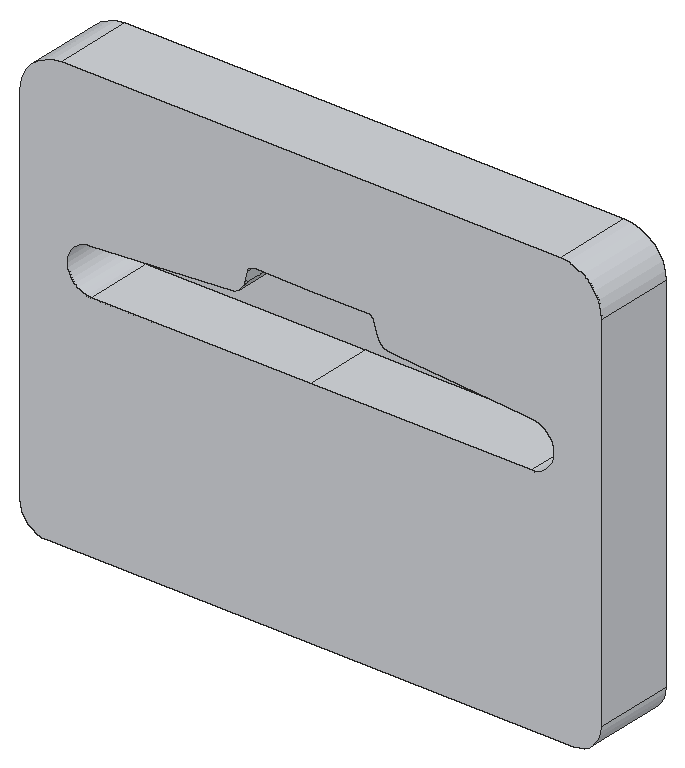
Revit family "Диспенсер сидений для унитаза, пластик, Tork", category Оборудование, Revit 2017
Family settings
  Размер круглого соединителя = Использовать диаметр
  Тип детали = Нормальный
  На основе рабочей плоскости = Нет
  Всегда вертикально = Да
  При загрузке вырезать с полостями = Нет
  Общий = Нет
  Точка расчета площади = Нет
Parameters (values of type "Тип")
  Общ_Ширина = 423.0 mm
  Общ_Тип, марка = "344080 V1"
  Общ_Примечание КР [instance] = ""
  Общ_Примечание АР [instance] = ""
  Общ_Примечание = ""
  Общ_Поставщик = "Tork"
  Общ_Позиция = ""
  Общ_Наименование = "Диспенсер сидений для унитаза"
  Общ_Масса = ""
  Общ_Код продукции = ""
  Общ_Единицы измерения = "шт."
  Общ_Глубина = 58.0 mm
  Общ_Высота = 315.0 mm
  Keynote = ""
  Model = ""
Reference planes
  plane 1 "По центру (Вперед/Назад)": y = 0
  plane 2: z = 0
  plane 3 "По центру (Влево/Вправо)": x = 0
Forms (mm)
  Extrusion 1, solid, detail levels fine
    sketch origin (0, 0, 0) x (1, 0, 0) y (0, 0, 1)
      loop
        line (-191.5, 0) -> (191.5, 0)
        arc (191.5, 0) -> (205.642, 5.858) -> (211.5, 20) r 20
        line (211.5, 20) -> (211.5, 285)
        arc (211.5, 285) -> (202.713, 306.213) -> (181.5, 315) r 30
        line (181.5, 315) -> (-181.5, 315)
        arc (-181.5, 315) -> (-202.713, 306.213) -> (-211.5, 285) r 30
        line (-211.5, 285) -> (-211.5, 20)
        arc (-211.5, 20) -> (-205.642, 5.858) -> (-191.5, 0) r 20
    from 0 to 58
  Extrusion 2, void
    sketch origin (0, -58, 0) x (-1, 0, 0) y (0, 0, 1)
      loop
        line (0, 230) -> (-41.163, 230)
        arc (-41.163, 230) -> (-44.207, 228.967) -> (-45.993, 226.294) r 5
        line (-45.993, 226.294) -> (-48.33, 217.571)
        arc (-48.33, 217.571) -> (-51.629, 212.443) -> (-57.292, 210.184) r 10
        line (-57.292, 210.184) -> (-159.908, 203.008)
        arc (-159.908, 203.008) -> (-176.885, 186.031) -> (-159.908, 169.055) r 16.977
        line (-159.908, 169.055) -> (0, 169.055) -> (159.908, 169.055)
        arc (159.908, 169.055) -> (176.885, 186.031) -> (159.908, 203.008) r 16.977
        line (159.908, 203.008) -> (57.292, 210.184)
        arc (57.292, 210.184) -> (51.629, 212.443) -> (48.33, 217.571) r 10
        line (48.33, 217.571) -> (45.993, 226.294)
        arc (45.993, 226.294) -> (44.207, 228.967) -> (41.163, 230) r 5
        line (41.163, 230) -> (0, 230)
    from 0 to 50
Cuts and joins
  Extrusion 2 cuts Extrusion 1
Lines and regions (mm)
  symbolic lines, detail levels coarse+medium
    curve 1: line (-211.5, 0, 0) -> (211.5, 0, 0)
    curve 2: line (-211.5, -58, 0) -> (-211.5, 0, 0)
    curve 3: line (211.5, -58, 0) -> (-211.5, -58, 0)
    curve 4: line (211.5, 0, 0) -> (211.5, -58, 0)
Dimensions and locks
  aligned and locked: level to plane 2
